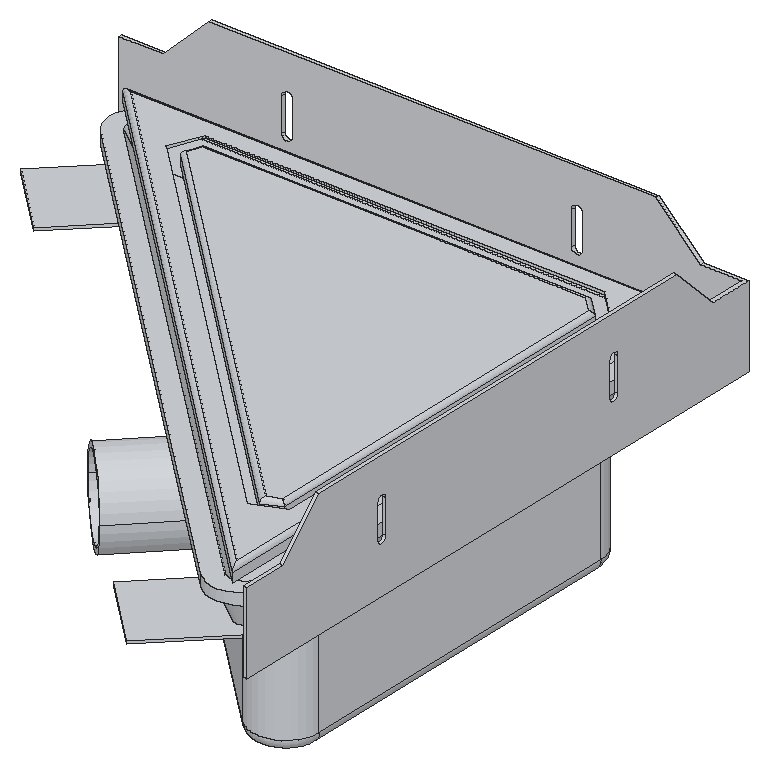
Revit family "S-790", category Aparatos sanitarios, Revit 2015
Parameters (values of type "S-790_40-50_SOFT")
  WFU = 1
  URL = "http://www.jimten.com/es/producto/364/sumidero-linnum-triangular-sorientable"
  Sello hidráulico = "50 mm"  # constant formula
  Salida = "40M/50M"
  Rejilla = INOX AISI304
  Referencia = "13350"
  Modelo = "S-790"  # constant formula
  Medida = "236mm x 331mm x 236 mm"
  Material = ABS
  Hmin = 6 mm  # constant formula
  Hmax = 16 mm  # constant formula
  H_calculo [instance] = if(H_AlturaRejilla < Hmax, if(H_AlturaRejilla > Hmin, H_AlturaRejilla, Hmin), Hmax)  # 10 mm
  H_AlturaRejilla [instance] = 10 mm
  Fabricante = "Jimten"  # constant formula
  F = 50 mm
  E = 40 mm
  Dmin = 10 mm  # constant formula
  Dmax = 26 mm  # constant formula
  Descripción = "SUMIDERO TRIANGULAR PARA PLATOS DE DUCHA DE OBRA EN ESQUINA, SIFON EXTRAIBLE, SALIDA HORIZONTAL ORIENTABLE, CON REJILLA SOFT RELLENABLE, REGULACION DE ALTURA"  # constant formula
  D_calculo [instance] = if(D < Dmax, if(D > Dmin, D, Dmin), Dmax)  # 10 mm
  D [instance] = 10 mm
  Comentarios de tipo = "CON FIJACION A PARED, CON PRENSATELAS PARA LÁMINAS IMPERMEABILIZANTES GEOTEXTILES O DE PVC. CON PROTECCION DE OBRA.  CON REJILLA REGULABLE EN ALTURA."  # constant formula
  Caudal = 0.8 L/s  # constant formula
  Altura total mínima = "98-108mm"  # constant formula
Types (2, lengths in mm): name | Salida | Referencia
  S-790_40-50_SOFT | "40M/50M" | "13350"
  S-790_40_SOFT | "40H" | "13351"
Reference planes
  plane 1 "Center (Front/Back)": y = 0
  plane 2: z = 0
  plane 3 "Center (Left/Right)": x = 0
  plane 4: z = -10
  plane 5: y = -10
  plane 6: x = -10
Dimensions and locks
  "H_calculo": level to plane 4
  "D_calculo": plane 5 to plane 1 "Center (Front/Back)"
  "D_calculo": plane 6 to plane 3 "Center (Left/Right)"
  locked: nested 2 to nested 1 at 9.5
  locked: nested 1 to nested 2 at 9.5
  aligned and locked: level to plane 2
  aligned and locked: plane 4 to nested 1
  aligned and locked: plane 6 to nested 1
  aligned and locked: plane 5 to nested 1
  aligned and locked: plane 1 "Center (Front/Back)" to nested 3
  aligned and locked: plane 3 "Center (Left/Right)" to nested 3
  aligned and locked: nested 3 to nested 1
Nested families
  nested 1: "S-790_Outlet" at (-10, -10, -10), type "S-790_Outlet"
  nested 2: "S-790_RejillaSoft" at (-10, -10, 0), type "S-790_RejillaSoft"
  nested 3: "S-790_Fijo" at (0, 0, -29), type "S-790_Fijo"
Connectors
  piping at (-162.514, -162.514, -66.621), diameter 40, driven by "E", driven by "WFU", driven by "Caudal"
    settings: on nested 1, index 1, connector inside diameter 609.6 mm, connector length 0 mm, flow factor 0, pipe flow 0.8 L/s, pressure drop 0.0 Pa, fitting loss kfactor 0, connector angle 0.00°, fixture units 1, engagement length 0 mm, angle of deflection 0.00°, flow configuration 0, flow direction 2, fitting loss method 0, system type 16, joint type 0, gender type 0, connector reference index -1, connector utility 0, adjustable connector yes, is connector primary yes, connector description ""
Definition of nested family "S-790_Outlet"
  Parameters (values of type "S-790_Outlet")
    MaterialOutlet = none
    F = 50 mm
    Eint = E - 5 mm  # 35 mm
    E = 40 mm
    G = 91.778 mm
    C = 394.5 mm
    B = 255 mm
    A = 188 mm
  Reference planes
    plane 1 "Center (Front/Back)": y = 0
    plane 2: z = 0
    plane 3 "Center (Left/Right)": x = 0
    plane 4: z = -91.778
    plane 5 "E2": z = -56.621
    plane 6: x = -255
    plane 7: y = -255
    plane 8 "A1": through (-265.872, -10.872, 1200) normal (0.7071, 0.7071, 0)
    plane 9 "A2": through (-127.339, 116.466, 1200) normal (0.7071, 0.7071, 0)
    plane 10 "E": through (-196.532, -51.928, 1200) normal (0.7071, 0.7071, 0)
    plane 11: through (0, 0, 1200) normal (0.7071, -0.7071, 0)
    plane 12: through (-318.87, 13.842, 1200) normal (0.7071, 0.7071, 0)
  Forms (mm)
    Sweep 1, solid
      path origin (0, 0, 0) x (1, 0, 0) y (0, 1, 0)
        loop
          line (-250.284, -26.46) -> (-26.46, -250.284)
          arc (-26.46, -250.284) -> (-9.568, -253.644) -> (0, -239.324) r 15.5
          line (0, -239.324) -> (0, -18.5)
          arc (0, -18.5) -> (-5.419, -5.419) -> (-18.5, 0) r 18.5
          line (-18.5, 0) -> (-239.324, 0)
          arc (-239.324, 0) -> (-253.644, -9.568) -> (-250.284, -26.46) r 15.5
      profile origin (-138.372, -138.372, 0) x (0.707107, 0.707107, 0) y (0, 0, 1)
        loop
          line (0, 0) -> (0, -5) -> (5, -5) -> (11.133, -19) -> (14.402, -19) -> (14.402, -14) -> (8.268, 0) -> (0, 0)
    Extrusion 2, solid
      sketch origin (0, 0, 0) x (1, 0, 0) y (0, 1, 0)
        loop
          line (-240.101, -16.277) -> (-16.277, -240.101)
          arc (-16.277, -240.101) -> (-15.08, -240.339) -> (-14.402, -239.324) r 1.098
          line (-14.402, -239.324) -> (-14.402, -18.5)
          arc (-14.402, -18.5) -> (-15.602, -15.602) -> (-18.5, -14.402) r 4.098
          line (-18.5, -14.402) -> (-239.324, -14.402)
          arc (-239.324, -14.402) -> (-240.339, -15.08) -> (-240.101, -16.277) r 1.098
        loop
          circle (-80.08, -80.08) r 25
      from -19 to -14
    Sweep 3, solid
      path origin (131.491, -10.422, -19) x (0, -1, 0) y (1, 0, 0)
        loop
          line (9.578, -166.491) -> (9.578, -323.738)
          arc (9.578, -323.738) -> (18.838, -337.596) -> (35.185, -334.344) r 15
          line (35.185, -334.344) -> (192.432, -177.098)
          arc (192.432, -177.098) -> (195.683, -160.751) -> (181.825, -151.491) r 15
          line (181.825, -151.491) -> (24.578, -151.491)
          arc (24.578, -151.491) -> (13.971, -155.884) -> (9.578, -166.491) r 15
      profile origin (-113.623, -20, -19) x (0, -1, 0) y (0, 0, 1)
        loop
          line (0, 0) -> (0, -67.778)
          arc (0, -67.778) -> (1.464, -71.314) -> (5, -72.778) r 5
          line (5, -72.778) -> (5, 0) -> (0, 0)
    Extrusion 4, solid
      sketch origin (0, 0, 0) x (1, 0, 0) y (0, 1, 0)
        loop
          line (-199.318, -42.071) -> (-42.071, -199.318)
          arc (-42.071, -199.318) -> (-31.173, -201.486) -> (-25, -192.247) r 10
          line (-25, -192.247) -> (-25, -35)
          arc (-25, -35) -> (-27.929, -27.929) -> (-35, -25) r 10
          line (-35, -25) -> (-192.247, -25)
          arc (-192.247, -25) -> (-201.486, -31.173) -> (-199.318, -42.071) r 10
      from -91.778 to -86.6
    Extrusion 5, solid
      sketch origin (-105.039, -143.421, 0) x (-0.707107, 0.707107, 0) y (0, 0, 1)
        loop
          circle (27.14, -56.621) r 20
        loop
          circle (27.14, -56.621) r 17.5
      from -40 to 0
    Extrusion 6, void
      sketch origin (-124.23, -124.23, 0) x (-0.707107, 0.707107, 0) y (0, 0, 1)
        loop
          circle (0, -56.621) r 17.5
      from 0 to 5
  Cuts and joins
    joined: Sweep 1, Extrusion 2
    Extrusion 6 cuts Sweep 3
    joined: Sweep 3, Extrusion 4, Extrusion 5
  Dimensions and locks
    "G": level to plane 4
    plane 5 "E2" to plane 4 = 35.157 mm
    "B": plane 6 to plane 3 "Center (Left/Right)"
    "B": plane 7 to plane 1 "Center (Front/Back)"
    "A": plane 9 "A2" to plane 8 "A1"
    plane 8 "A1" to plane 12 = 20 mm
    "Eint": diameter of Extrusion 5 sketch curve
    "E": diameter of Extrusion 5 sketch curve
    aligned and locked: level to plane 2
    aligned and locked: Sweep 1 sketch curve to plane 1 "Center (Front/Back)"
    aligned and locked: plane 3 "Center (Left/Right)" to Sweep 1 sketch curve
    aligned and locked: Sweep 1 sketch curve to plane 8 "A1"
    aligned and locked: Extrusion 2 sketch curve to Sweep 1  (x3)
    aligned and locked: Sweep 1 to Extrusion 2
    aligned and locked: Extrusion 2 to Sweep 1
    aligned and locked: Sweep 3 to plane 4
    aligned and locked: Sweep 3 to cut or joined group of Sweep 1, Extrusion 2
    aligned and locked: Extrusion 4 sketch curve to Sweep 3  (x3)
    aligned and locked: Extrusion 4 to Sweep 3
    aligned and locked: plane 5 "E2" to Extrusion 5 sketch curve
    aligned and locked: Extrusion 6 sketch curve to Extrusion 5
    aligned and locked: Extrusion 5 to plane 12
  Automatic sketch dimensions
    plane 7 to Sweep 1 sketch curve = 15.676 mm
    Sweep 1 sketch curve to plane 3 "Center (Left/Right)" = 18.5 mm
    plane 7 to Sweep 1 sketch curve = 4.716 mm
    plane 6 to Sweep 1 sketch curve = 15.676 mm
    plane 6 to Sweep 1 sketch curve = 4.716 mm
    Sweep 1 sketch curve to profile plane = 0 mm
    Sweep 1 sketch curve to level = 0 mm
    Sweep 1 sketch curve to profile plane = 8.268 mm
    Sweep 1 sketch curve to profile plane = 11.133 mm
    Sweep 1 sketch curve to Sweep 1 sketch curve = 3.268 mm
    Sweep 1 sketch curve to Sweep 1 sketch curve = 5 mm  (x2)
    Sweep 1 sketch curve to Sweep 1 sketch curve = 14 mm
    Sweep 1 sketch curve to profile plane = 5 mm
    Extrusion 2 sketch curve to Extrusion 2 sketch curve = 0.777 mm
    Extrusion 2 sketch curve to plane 3 "Center (Left/Right)" = 80.08 mm
    plane 7 to Extrusion 2 sketch curve = 14.899 mm
    plane 1 "Center (Front/Back)" to Extrusion 2 sketch curve = 80.08 mm
    Sweep 3 sketch curve to Sweep 3 sketch curve = 15 mm
    Sweep 3 sketch curve to Sweep 3 sketch curve = 10.607 mm  (x2)
    Sweep 3 sketch curve to Sweep 3 sketch curve = 157.247 mm  (x3)
    Sweep 3 sketch curve to profile plane = 0 mm  (x2)
    Sweep 3 sketch curve to profile plane = 5 mm
    Sweep 3 sketch curve to profile plane = 67.778 mm
    Extrusion 4 sketch curve to Extrusion 4 sketch curve = 7.071 mm
    plane 1 "Center (Front/Back)" to Extrusion 4 sketch curve = 42.071 mm
    plane 11 to Sweep 3 sketch curve = 0 mm
    Sweep 3 sketch curve to plane 10 "E" = 0 mm  (x2)
    Extrusion 5 sketch curve to Extrusion 5 sketch curve = 0 mm  (x2)
    Extrusion 5 sketch curve to plane 11 = 0 mm
    radius of Extrusion 2 sketch curve = 25 mm
Definition of nested family "S-790_RejillaSoft"
  Parameters (values of type "S-790_RejillaSoft")
    MaterialRejilla = none
    K = 169 mm
    J = 331.5 mm
    I = 236 mm
  Reference planes
    plane 1 "Center (Front/Back)": y = 0
    plane 2: z = 0
    plane 3 "Center (Left/Right)": x = 0
    plane 4: x = -255
    plane 5: y = -255
    plane 6 "A1": through (-265.872, -10.872, 1200) normal (0.7071, 0.7071, 0)
    plane 7 "A2": through (-127.339, 116.466, 1200) normal (0.7071, 0.7071, 0)
    plane 8: through (0, 0, 1200) normal (0.7071, -0.7071, 0)
    plane 9: through (-301.281, 37.971, 1200) normal (0.7071, 0.7071, 0)
    plane 10: through (-188.106, 163.799, 1200) normal (0.7071, 0.7071, 0)
    plane 11: y = -9.5
    plane 12: y = -245.5
    plane 13: x = -245.5
    plane 14: x = -9.5
  Forms (mm)
    Extrusion 1, solid
      sketch origin (0, 0, 0) x (1, 0, 0) y (0, 1, 0)
        loop
          line (-30.531, -19.5) -> (-209.244, -19.5) -> (-215.226, -33.942) -> (-33.942, -215.226) -> (-19.5, -209.244) -> (-19.5, -30.531) -> (-30.531, -19.5)
        loop
          line (-248.981, -11.5) -> (-11.5, -248.981) -> (-11.5, -11.5) -> (-248.981, -11.5)
      from -1 to 0
    Sweep 2, solid
      path origin (0, 0, 0) x (1, 0, 0) y (0, 1, 0)
        loop
          line (-209.328, -32.768) -> (-32.768, -209.328) -> (-24.5, -205.903) -> (-24.5, -32.602) -> (-32.602, -24.5) -> (-205.903, -24.5) -> (-209.328, -32.768)
      profile origin (-121.048, -121.048, 0) x (0.707107, 0.707107, 0) y (0, 0, 1)
        loop
          line (0, -2) -> (0, -6) -> (2, -6) -> (2, 0)
          arc (2, 0) -> (0.586, -0.586) -> (0, -2) r 2
    Extrusion 3, solid
      sketch origin (0, 0, 0) x (1, 0, 0) y (0, 1, 0)
        loop
          line (-206.969, -32.299) -> (-32.299, -206.969) -> (-26.5, -204.567) -> (-26.5, -33.43) -> (-33.43, -26.5) -> (-204.567, -26.5) -> (-206.969, -32.299)
      from -1 to 0
    Sweep 4, solid
      path origin (-265, 0, 0) x (1, 0, 0) y (0, 1, 0)
        loop
          line (11.191, -9.5) -> (255.5, -253.809) -> (255.5, -9.5) -> (11.191, -9.5)
      profile origin (-131.655, -131.655, 0) x (0.707107, 0.707107, 0) y (0, 0, 1)
        loop
          line (0, -2) -> (0, -6) -> (2, -6) -> (2, 0)
          arc (2, 0) -> (0.586, -0.586) -> (0, -2) r 2
  Cuts and joins
    joined: Extrusion 1, Sweep 4
    joined: Sweep 2, Extrusion 3
  Dimensions and locks
    "K": plane 10 to plane 9
    "I": plane 13 to plane 14
    "I": plane 11 to plane 12
    aligned and locked: level to plane 2
    aligned and locked: level to Extrusion 1
    aligned and locked: Extrusion 3 sketch curve to Sweep 2  (x4)
    aligned and locked: Sweep 2 to Extrusion 3 sketch curve  (x2)
    aligned and locked: Extrusion 1 to Extrusion 3  (x2)
  Automatic sketch dimensions
    plane 13 to Sweep 2 sketch curve = 36.172 mm
    Sweep 2 sketch curve to plane 11 = 15 mm
    Sweep 2 sketch curve to Sweep 2 sketch curve = 3.425 mm  (x2)
    Sweep 2 sketch curve to plane 14 = 23.268 mm
    Sweep 2 sketch curve to plane 14 = 23.102 mm
    Sweep 2 sketch curve to Sweep 2 sketch curve = 8.102 mm  (x2)
    Sweep 2 sketch curve to Sweep 2 sketch curve = 8.268 mm
    plane 12 to Sweep 2 sketch curve = 39.597 mm
    Sweep 2 sketch curve to profile plane = 0 mm
    Sweep 2 sketch curve to level = 0 mm
    Sweep 2 sketch curve to profile plane = 2 mm
    Sweep 2 sketch curve to Sweep 2 sketch curve = 4 mm
    Sweep 4 sketch curve to profile plane = 0 mm
    Sweep 4 sketch curve to level = 0 mm
    Sweep 4 sketch curve to profile plane = 2 mm
    Sweep 4 sketch curve to Sweep 4 sketch curve = 4 mm
    Extrusion 1 sketch curve to plane 8 = 0 mm
    plane 13 to Extrusion 1 sketch curve = 30.274 mm
    Extrusion 1 sketch curve to Extrusion 1 sketch curve = 5.982 mm  (x2)
    Extrusion 1 sketch curve to plane 14 = 24.442 mm
    Extrusion 1 sketch curve to plane 11 = 10 mm
    Extrusion 1 sketch curve to plane 14 = 21.031 mm
    Extrusion 1 sketch curve to plane 14 = 10 mm
    Extrusion 1 sketch curve to plane 14 = 2 mm
    Extrusion 1 sketch curve to Extrusion 1 sketch curve = 11.031 mm
    Extrusion 1 sketch curve to Extrusion 1 sketch curve = 14.442 mm
    plane 12 to Extrusion 1 sketch curve = 36.256 mm
    Extrusion 1 sketch curve to plane 12 = 3.481 mm
    Extrusion 1 sketch curve to plane 13 = 3.481 mm
    Sweep 4 sketch curve to plane 9 = 0 mm  (x2)
    Sweep 4 sketch curve to plane 11 = 0 mm
    plane 8 to Sweep 4 sketch curve = 0 mm
Definition of nested family "S-790_Fijo"
  Parameters (values of type "S-790_Fijo")
    WFU = 1
    Material = none
  Reference planes
    plane 1 "Center (Front/Back)": y = 0
    plane 2: z = 0
    plane 3 "Center (Left/Right)": x = 0
    plane 4: z = -1.5
    plane 5: z = 55
  Forms (mm)
    Extrusion 1, solid
      sketch origin (0, 0, 0) x (1, 0, 0) y (0, 1, 0)
        loop
          line (-280, 0) -> (-280, -1.5) -> (-267.088, -1.5) -> (-258.661, -19.519) -> (-287.071, -47.929) -> (-257.224, -77.776) -> (-208.949, -29.5) -> (-40.531, -29.5) -> (-29.5, -40.531) -> (-29.5, -208.949) -> (-77.776, -257.224) -> (-47.929, -287.071) -> (-19.519, -258.661) -> (-1.5, -267.088) -> (-1.5, -280) -> (0, -280) -> (0, 0) -> (-280, 0)
      from -1.5 to 0
    Extrusion 2, solid
      sketch origin (0, 0, 0) x (1, 0, 0) y (0, 1, 0)
        loop
          line (-280, 0) -> (-280, -1.5) -> (-1.5, -1.5) -> (-1.5, -280) -> (0, -280) -> (0, 0) -> (-280, 0)
      from 0 to 55
    Extrusion 3, void
      sketch origin (0, 0, 0) x (1, 0, 0) y (0, 0, 1)
        loop
          line (-207.298, 36.892) -> (-207.298, 21.892)
          arc (-207.298, 21.892) -> (-204.798, 19.392) -> (-202.298, 21.892) r 2.5
          line (-202.298, 21.892) -> (-202.298, 36.892)
          arc (-202.298, 36.892) -> (-204.798, 39.392) -> (-207.298, 36.892) r 2.5
        loop
          line (-280, 35) -> (-260, 35) -> (-240, 55) -> (-280, 55) -> (-280, 35)
        loop
          arc (-72.702, 36.892) -> (-75.202, 39.392) -> (-77.702, 36.892) r 2.5
          line (-77.702, 36.892) -> (-77.702, 21.892)
          arc (-77.702, 21.892) -> (-75.202, 19.392) -> (-72.702, 21.892) r 2.5
          line (-72.702, 21.892) -> (-72.702, 36.892)
        loop
          line (0, 35) -> (0, 55) -> (-40, 55) -> (-20, 35) -> (0, 35)
      from 0 to 1.5
    Extrusion 4, void
      sketch origin (0, 0, 0) x (0, 1, 0) y (0, 0, 1)
        loop
          arc (-72.702, 36.892) -> (-75.202, 39.392) -> (-77.702, 36.892) r 2.5
          line (-77.702, 36.892) -> (-77.702, 21.892)
          arc (-77.702, 21.892) -> (-75.202, 19.392) -> (-72.702, 21.892) r 2.5
          line (-72.702, 21.892) -> (-72.702, 36.892)
        loop
          line (0, 35) -> (0, 55) -> (-40, 55) -> (-20, 35) -> (0, 35)
        loop
          line (-207.298, 36.892) -> (-207.298, 21.892)
          arc (-207.298, 21.892) -> (-204.798, 19.392) -> (-202.298, 21.892) r 2.5
          line (-202.298, 21.892) -> (-202.298, 36.892)
          arc (-202.298, 36.892) -> (-204.798, 39.392) -> (-207.298, 36.892) r 2.5
        loop
          line (-280, 35) -> (-260, 35) -> (-240, 55) -> (-280, 55) -> (-280, 35)
      from -1.5 to 0
  Cuts and joins
    Extrusion 3, Extrusion 4 cuts Extrusion 2
    joined: Extrusion 1, Extrusion 2
  Dimensions and locks
    locked: level to plane 4 at 1.5
    locked: plane 5 to level at 55
    locked: level to plane 5 at 55
    locked: plane 4 to plane 2 at 1.5
    aligned and locked: level to plane 2
    aligned and locked: Extrusion 1 to plane 4
    aligned and locked: Extrusion 2 sketch curve to Extrusion 1
    aligned and locked: plane 1 "Center (Front/Back)" to Extrusion 2 sketch curve
    aligned and locked: Extrusion 3 to plane 1 "Center (Front/Back)"
    aligned and locked: Extrusion 2 to Extrusion 3
    aligned and locked: Extrusion 2 to Extrusion 4
    aligned and locked: plane 3 "Center (Left/Right)" to Extrusion 4
    aligned and locked: plane 5 to cut or joined group of Extrusion 1, Extrusion 2, Extrusion 3, Extrusion 4
    aligned and locked: cut or joined group of Extrusion 1, Extrusion 2, Extrusion 3, Extrusion 4 to plane 5
    aligned and locked: cut or joined group of Extrusion 1, Extrusion 2, Extrusion 3, Extrusion 4 to plane 4
